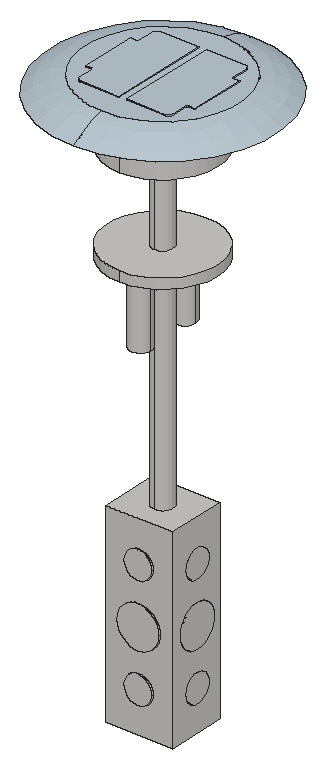
Revit family "Electrical_Equipment-Poke_Through-Hubbell_Wiring-System_One-S1PT_4x4_FIT", category Electrical Fixtures, host Face, Revit 2015
Parameters (values of type "4x4 FIT")
  Voltage = 120 V
  URL = "http://www.hubbell-wiring.com/"
  Subplate = Subplate : S1SP4X4
  Product data url = "https://bimobject.com/hubbellwiring/product/systemone-s1pt4x4fit"
  Product Page URL = "http://ecatalog.hubbell-wiring.com/ProductInformation/ViewCatalog.aspx?Dest=hubbell-wiring.com/press/catalog/m.pdf"
  Product Documentation Link = "http://ecatalog.hubbell-wiring.com/ProductInformation/ViewCatalog.aspx?Dest=hubbell-wiring.com/press/catalog/m.pdf"
  Power Factor = 1
  Number of Poles = 1
  Model = "S1PT"
  Manufacturer = "Hubbell-Wiring"  # constant formula
  Load Classification = Power
  Junction Box Vertical = 1' - 1 61/256"
  Junction Box Horizontal = 0' - 0"
  Hardware Material = Metal-Hubbell-Steel
  Electrical Connector Description = "Power Connector"
  Description = "System One - 4\" Poke Through"
  Default Elevation = 0' - 0"
  Cover Material = Metal-Hubbell-Aluminum
  Conduit Connector 5 Description = "Conduit Connector 5"
  Conduit Connector 4 Description = "Conduit Connector 4"
  Conduit Connector 3 Description = "Conduit Connector 3"
  Conduit Connector 2 Description = "Conduit Connector 2"
  Conduit Connector 1 Description = "Conduit Connector 1"
  Assembly Code = "D5020115"
  Apparent Load = 4800 VA
Reference planes (in)
  plane 1 "Center (Front/Back)": y = 0
  plane 2: z = 0
  plane 3 "Center (Left/Right)": x = 0
  plane 4: z = -13.23828
Forms (in)
  Extrusion 1, solid, detail levels coarse
    sketch origin (0, 0, 0) x (1, 0, 0) y (0, 1, 0)
      loop
        circle (0, 0) r 4
    from 0.29672 to -20.19
Lines and regions (in)
  symbolic lines
    curve 1: circle (0, 0, 0) r 4 normal (0, 0, 1)
  symbolic lines, detail levels coarse
    curve 2: line (0, 3.75, 0.57962) -> (0, 3.75, -20.19)
    curve 3: line (0, 3.75, 0.57962) -> (0, -3.75, 0.57962)
    curve 4: line (0, -3.75, -20.19) -> (0, 3.75, -20.19)
    curve 5: line (0, -3.75, 0.57962) -> (0, -3.75, -20.19)
    curve 6: line (4, 0, 0.29672) -> (-4, 0, 0.29672)
    curve 7: line (4, 0, -20.19) -> (4, 0, 0.29672)
    curve 8: line (-4, 0, -20.19) -> (4, 0, -20.19)
    curve 9: line (-4, 0, 0.29672) -> (-4, 0, -20.19)
Dimensions and locks (in)
  "Junction Box Vertical": plane 4 to level
  aligned and locked: host face to plane 2
  aligned and locked: host face to level
  aligned and locked: Extrusion 1 sketch curve to curve 1
  aligned and locked: Extrusion 1 to curve 4
  aligned and locked: curve 6 to Extrusion 1
  aligned and locked: curve 7 to Extrusion 1
  aligned and locked: curve 8 to Extrusion 1
  aligned and locked: curve 9 to Extrusion 1
  aligned and locked: level to nested 1
  aligned and locked: plane 1 "Center (Front/Back)" to nested 1
  aligned and locked: plane 3 "Center (Left/Right)" to nested 1
  aligned and locked: nested 3 to plane 1 "Center (Front/Back)"
  aligned and locked: plane 3 "Center (Left/Right)" to nested 3
  aligned and locked: level to nested 2
  aligned and locked: plane 1 "Center (Front/Back)" to nested 2
  aligned and locked: nested 2 to plane 3 "Center (Left/Right)"
  aligned and locked: nested 3 to plane 4
Automatic sketch dimensions
  plane 1 "Center (Front/Back)" to curve 1 = 0' - 0"
  curve 1 to plane 3 "Center (Left/Right)" = 0' - 0"
  plane 1 "Center (Front/Back)" to curve 5 = 0' - 3 3/4"
  host sketch curve to host sketch curve = 8' - 0"
  host sketch curve to host sketch curve = 5' - 8.04774"
  curve 4 to plane 1 "Center (Front/Back)" = 0' - 3 3/4"
  level to curve 3 = 0' - 0.57962"
  radius of curve 1 = 0' - 4"
Nested families (in)
  nested 1: "Poke Through Cover" at (0, 0, 0), type "6Cover", detail levels medium+fine
  nested 2: "Poke Through 4x4 FIT" at (0, 0, 0) x (0, -1, 0) z (0, 0, 1), type "6Plug", detail levels medium+fine
  nested 3: "Junction Box" at (0, 0, -13.23828), type "JunctionBox", detail levels medium+fine
Connectors (in)
  cabletrayconduit at (0, -1.09966, -16.71328), diameter 24, driven by "Conduit Connector 1 Description"
    settings: on nested 3, index 1, connector width 1' - 0", connector height 1' - 0", connector angle 0.00°, system type 32, placement type 1, profile type 0, connector reference index -1, is primary connector yes, connector utility param no, connector description "Conduit Connector 1"
  cabletrayconduit at (1.23966, 0, -16.71328), diameter 24, driven by "Conduit Connector 2 Description"
    settings: on nested 3, index 2, connector width 1' - 0", connector height 1' - 0", connector angle 0.00°, system type 32, placement type 1, profile type 0, connector reference index -1, is primary connector no, connector utility param no, connector description "Conduit Connector 2"
  cabletrayconduit at (0, 1.09966, -16.71328), diameter 24, driven by "Conduit Connector 3 Description"
    settings: on nested 3, index 3, connector width 1' - 0", connector height 1' - 0", connector angle 0.00°, system type 32, placement type 1, profile type 0, connector reference index -1, is primary connector no, connector utility param no, connector description "Conduit Connector 3"
  cabletrayconduit at (0, -1, -7.74627), diameter 24, driven by "Conduit Connector 4 Description"
    settings: on nested 2, index 5, connector width 1' - 0", connector height 1' - 0", connector angle 0.00°, system type 32, placement type 1, profile type 0, connector reference index -1, is primary connector no, connector utility param no, connector description "Conduit Connector 4"
  cabletrayconduit at (0, 1, -7.74627), diameter 24, driven by "Conduit Connector 5 Description"
    settings: on nested 2, index 6, connector width 1' - 0", connector height 1' - 0", connector angle 0.00°, system type 32, placement type 1, profile type 0, connector reference index -1, is primary connector no, connector utility param no, connector description "Conduit Connector 5"
  electrical at (0, 0, -20.18828), driven by "Number of Poles", driven by "Load Classification", driven by "Voltage", driven by "Electrical Connector Description", driven by "Power Factor", driven by "Apparent Load"
    settings: on nested 3, index 7, voltage 120 V, apparent load 4800 VA, apparent load phase1 0 VA, apparent load phase2 0 VA, apparent load phase3 0 VA, power factor 1, load classification "Power", number of poles 1, system type 30, power factor state 1, is connector primary yes, connector utility no, sub classification motor no, connector description "Power Connector"
Definition of nested family "Poke Through Cover"
  Parameters
    Cover Material = none
    Assembly Code = ""
  Reference planes (in)
    plane 1 "Center (Front/Back)": y = 0
    plane 2: z = 0
    plane 3 "Center (Left/Right)": x = 0
    plane 4: z = -1.15491
    plane 5: z = 0.55
    plane 6: y = 3.45
  Forms (in)
    Revolve 1, solid, material <- "Cover Material", detail levels medium+fine
      sketch origin (0, 0, 0) x (0, 1, 0) y (0, 0, 1)
        loop
          arc (4, 0) -> (3.39097, 0.35613) -> (2.71262, 0.55) r 2.82079
          line (2.71262, 0.55) -> (2.71262, -0.5) -> (2.83302, -0.5) -> (2.83302, 0) -> (4, 0)
        axis (0, 0.55) -> (0, -0.5)
      angle from 0 to 360
    Extrusion 2, solid, material <- "Cover Material", detail levels medium+fine
      sketch origin (0, 0, 0) x (1, 0, 0) y (0, 1, 0)
        loop
          circle (0, 0) r 2.71262
      from 0 to 0.55
    Extrusion 3, solid, material <- "Cover Material", detail levels medium+fine
      sketch origin (0, 0, 0) x (1, 0, 0) y (0, 1, 0)
        loop
          arc (-1.68265, 1.06374) -> (-1.70167, 1.01867) -> (-1.74674, 0.99993) r 0.06374
          line (-1.74674, 0.99993) -> (-1.953, 0.99993) -> (-1.953, -1) -> (-1.74674, -1)
          arc (-1.74674, -1) -> (-1.70167, -1.01867) -> (-1.683, -1.06374) r 0.06374
          line (-1.683, -1.06374) -> (-1.68265, -1.61444)
          arc (-1.68265, -1.61444) -> (-1.63367, -1.73808) -> (-1.51331, -1.79465) r 0.18056
          line (-1.51331, -1.79465) -> (-0.133, -1.79465) -> (-0.133, 1.795) -> (-1.50209, 1.795)
          arc (-1.50209, 1.795) -> (-1.62977, 1.74211) -> (-1.68265, 1.61444) r 0.18056
          line (-1.68265, 1.61444) -> (-1.68265, 1.06374)
      from 0.55 to 0.57962
    Extrusion 4, solid, material <- "Cover Material", detail levels medium+fine
      sketch origin (0, 0, 0) x (-1, 0, 0) y (0, -1, 0)
        loop
          line (-1.68265, -1.06374) -> (-1.68265, -1.61444)
          arc (-1.68265, -1.61444) -> (-1.62977, -1.74211) -> (-1.50209, -1.795) r 0.18056
          line (-1.50209, -1.795) -> (-0.133, -1.795) -> (-0.133, 1.79465) -> (-1.51331, 1.79465)
          arc (-1.51331, 1.79465) -> (-1.63367, 1.73808) -> (-1.68265, 1.61444) r 0.18056
          line (-1.68265, 1.61444) -> (-1.683, 1.06374)
          arc (-1.683, 1.06374) -> (-1.70167, 1.01867) -> (-1.74674, 1) r 0.06374
          line (-1.74674, 1) -> (-1.953, 1) -> (-1.953, -0.99993) -> (-1.74674, -0.99993)
          arc (-1.74674, -0.99993) -> (-1.70167, -1.01867) -> (-1.68265, -1.06374) r 0.06374
      from 0.55 to 0.57962
  Cuts and joins
    joined: Revolve 1, Extrusion 2
  Lines and regions (in)
    Masking region 1
      outline origin (0, 0, 0) x (1, 0, 0) y (0, 1, 0)
        loop
          circle (0, 0) r 4
    symbolic lines, detail levels medium+fine
      curve 1: circle (0, 0, 0) r 2.71262 normal (0, 0, 1)
    symbolic lines, detail levels fine
      curve 2: line (-1.68265, 1.61444, 0) -> (-1.68265, 1.06374, 0)
      curve 3: arc (-1.683, 1.06374, 0) -> (-1.70167, 1.01867, 0) -> (-1.74674, 1, 0) r 0.06374
      curve 4: line (-1.74674, 0.99993, 0) -> (-1.953, 0.99993, 0)
      curve 5: line (-1.953, 0.99993, 0) -> (-1.953, -1, 0)
      curve 6: line (-1.953, -1, 0) -> (-1.74674, -1, 0)
      curve 7: arc (-1.74674, -1, 0) -> (-1.70167, -1.01867, 0) -> (-1.683, -1.06374, 0) r 0.06374
      curve 8: line (-1.683, -1.06374, 0) -> (-1.683, -1.61444, 0)
      curve 9: arc (-1.68265, -1.61444, 0) -> (-1.63367, -1.73808, 0) -> (-1.51331, -1.79465, 0) r 0.18056
      curve 10: line (-1.51331, -1.79465, 0) -> (-0.133, -1.79465, 0)
      curve 11: line (-0.133, -1.79465, 0) -> (-0.133, 1.795, 0)
      curve 12: line (-0.133, 1.795, 0) -> (-1.50209, 1.795, 0)
      curve 13: arc (-1.50209, 1.795, 0) -> (-1.62977, 1.74211, 0) -> (-1.68265, 1.61444, 0) r 0.18056
      curve 14: line (1.50209, 1.795, 0) -> (0.133, 1.795, 0)
      curve 15: line (0.133, 1.795, 0) -> (0.133, -1.79465, 0)
      curve 16: line (0.133, -1.79465, 0) -> (1.51331, -1.79465, 0)
      curve 17: arc (1.51331, -1.79465, 0) -> (1.63367, -1.73808, 0) -> (1.68265, -1.61444, 0) r 0.18056
      curve 18: line (1.683, -1.61444, 0) -> (1.683, -1.06374, 0)
      curve 19: arc (1.683, -1.06374, 0) -> (1.70167, -1.01867, 0) -> (1.74674, -1, 0) r 0.06374
      curve 20: line (1.74674, -1, 0) -> (1.953, -1, 0)
      curve 21: line (1.953, -1, 0) -> (1.953, 0.99993, 0)
      curve 22: line (1.953, 0.99993, 0) -> (1.74674, 0.99993, 0)
      curve 23: arc (1.74674, 1, 0) -> (1.70167, 1.01867, 0) -> (1.683, 1.06374, 0) r 0.06374
      curve 24: line (1.68265, 1.06374, 0) -> (1.68265, 1.61444, 0)
      curve 25: arc (1.68265, 1.61444, 0) -> (1.62977, 1.74211, 0) -> (1.50209, 1.795, 0) r 0.18056
  Dimensions and locks (in)
    plane 5 to level = 0' - 0.55"
    aligned and locked: plane 2 to level
    aligned and locked: Masking region 1 sketch curve to cut or joined group of Revolve 1, Extrusion 2
Definition of nested family "Poke Through 4x4 FIT"
  Parameters
    Hardware Material = none
    Assembly Code = ""
  Reference planes (in)
    plane 1 "Center (Front/Back)": y = 0
    plane 2: z = 0
    plane 3 "Center (Left/Right)": x = 0
    plane 4: z = -8.57
  Forms (in)
    Extrusion 1, solid, material <- "Hardware Material", detail levels medium+fine
      sketch origin (0, 0, -1.75) x (1, 0, 0) y (0, 1, 0)
        loop
          circle (0, 0) r 1.94
      from 0 to 0.72109
    Extrusion 2, solid, material <- "Hardware Material", detail levels medium+fine
      sketch origin (0, 0, 0) x (1, 0, 0) y (0, 1, 0)
        loop
          circle (-0.70102, 0) r 0.25
        loop
          circle (0.70102, 0) r 0.25
        loop
          line (-0.20471, 1.92917) -> (-0.20471, 1.83499)
          arc (-0.20471, 1.83499) -> (0, 1.84582) -> (0.20471, 1.83499) r 1.94
          line (0.20471, 1.83499) -> (0.20471, 1.92917)
          arc (0.20471, 1.92917) -> (0, 1.94) -> (-0.20471, 1.92917) r 1.94
        loop
          line (1.92917, 0.20471) -> (1.83499, 0.20471)
          arc (1.83499, 0.20471) -> (1.84582, 0) -> (1.83499, -0.20471) r 1.94
          line (1.83499, -0.20471) -> (1.92917, -0.20471)
          arc (1.92917, -0.20471) -> (1.94, 0) -> (1.92917, 0.20471) r 1.94
        loop
          line (0.20471, -1.92917) -> (0.20471, -1.83499)
          arc (0.20471, -1.83499) -> (0, -1.84582) -> (-0.20471, -1.83499) r 1.94
          line (-0.20471, -1.83499) -> (-0.20471, -1.92917)
          arc (-0.20471, -1.92917) -> (0, -1.94) -> (0.20471, -1.92917) r 1.94
        loop
          line (-1.92917, -0.20471) -> (-1.83499, -0.20471)
          arc (-1.83499, -0.20471) -> (-1.84582, 0) -> (-1.83499, 0.20471) r 1.94
          line (-1.83499, 0.20471) -> (-1.92917, 0.20471)
          arc (-1.92917, 0.20471) -> (-1.94, 0) -> (-1.92917, -0.20471) r 1.94
      from -1.02891 to 0
    Extrusion 3, solid, material <- "Hardware Material", detail levels medium+fine
      sketch origin (0, 0, -5.625) x (1, 0, 0) y (0, 1, 0)
        loop
          circle (0, 0) r 1.94
      from 0.35683 to 0.72109
    Extrusion 4, solid, material <- "Hardware Material", detail levels medium+fine
      sketch origin (0, 0, 0) x (1, 0, 0) y (0, 1, 0)
        loop
          circle (0, 0) r 0.375
      from -1.75 to -13.24
    Extrusion 5, solid, material <- "Hardware Material", detail levels medium+fine
      sketch origin (-1, 0, 0) x (0, -1, 0) y (1, 0, 0)
        loop
          circle (0, 0) r 0.375
      from -5.26817 to -7.74627
    Extrusion 6, solid, material <- "Hardware Material", detail levels medium+fine
      sketch origin (1, 0, 0) x (0, -1, 0) y (1, 0, 0)
        loop
          circle (0, 0) r 0.375
      from -5.26817 to -7.74627
  Cuts and joins
    joined: Extrusion 3, Extrusion 4
  Dimensions and locks (in)
    aligned and locked: plane 2 to level
Definition of nested family "Junction Box"
  Parameters
    Hardware Material = none
    Assembly Code = ""
  Reference planes (in)
    plane 1 "Center (Front/Back)": y = 0
    plane 2: z = 0
    plane 3 "Center (Left/Right)": x = 0
  Forms (in)
    Extrusion 1, solid, material <- "Hardware Material", detail levels medium+fine
      sketch origin (0.63008, -7.06277, -6.95) x (1, 0, 0) y (0, 1, 0)
        loop
          line (-1.83508, 5.99777) -> (0.57492, 5.99777) -> (0.57492, 8.12777) -> (-1.83508, 8.12777) -> (-1.83508, 5.99777)
      from 0 to 6.95
    Extrusion 2, solid, material <- "Hardware Material", detail levels medium+fine
      sketch origin (0, 0, 0.06788) x (1, 0, 0) y (0, 0, 1)
        loop
          circle (0, -1.54288) r 0.5
        loop
          circle (0, -3.54288) r 0.75
        loop
          circle (0, -5.54288) r 0.5
      from 1.065 to 1.09966
    Extrusion 3, solid, material <- "Hardware Material", detail levels medium+fine
      sketch origin (0, 0, 0.06788) x (-1, 0, 0) y (0, 0, 1)
        loop
          circle (0, -1.54288) r 0.5
        loop
          circle (0, -3.54288) r 0.75
        loop
          circle (0, -5.54288) r 0.5
      from 1.065 to 1.09966
    Extrusion 4, solid, material <- "Hardware Material", detail levels medium+fine
      sketch origin (0.14, 0, 0.06788) x (0, 1, 0) y (0, 0, 1)
        loop
          circle (0, -1.54288) r 0.5
        loop
          circle (0, -3.54288) r 0.75
        loop
          circle (0, -5.54288) r 0.5
      from 1.065 to 1.09966
  Dimensions and locks (in)
    aligned and locked: plane 2 to level
